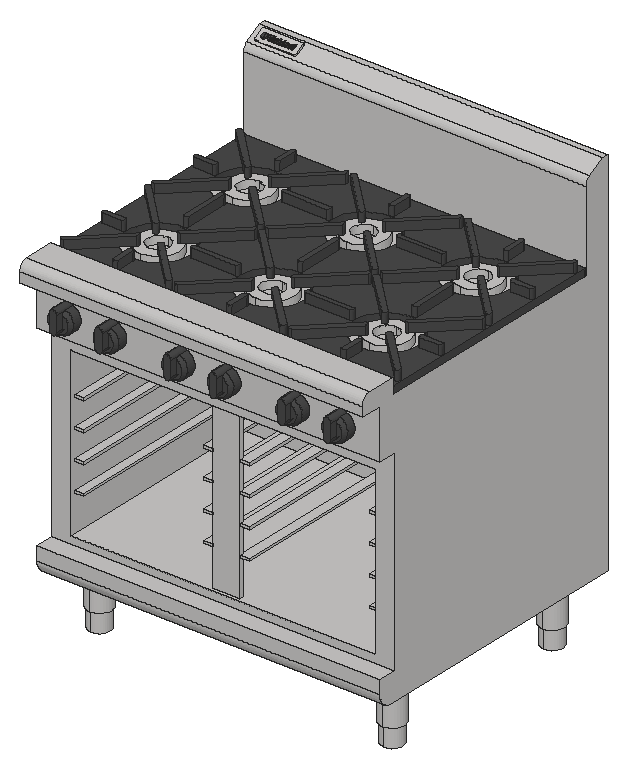
Revit family "QF_MOFFAT WALDORF_RN8600G-CB", category Specialty Equipment, Revit 2012 (continued)
Automatic sketch dimensions
  Revolve 16 sketch curve to Revolve 16 sketch curve = 55.0 mm
  Revolve 16 sketch curve to Revolve 16 sketch curve = 0.0 mm
  Revolve 17 sketch curve to plane 9 "Base Height" = 0.0 mm
  Revolve 17 sketch curve to level = 0.0 mm
  level to Revolve 17 sketch curve = 50.0 mm
  Revolve 17 sketch curve to plane 5 "FRONT" = 148.25 mm
  Revolve 17 sketch curve to Revolve 17 sketch curve = 4.25 mm
  Revolve 17 sketch curve to Revolve 17 sketch curve = 27.5 mm  (x2)
  Revolve 17 sketch curve to Revolve 17 sketch curve = 55.0 mm
  Revolve 17 sketch curve to Revolve 17 sketch curve = 0.0 mm
  Revolve 18 sketch curve to plane 9 "Base Height" = 0.0 mm
  Revolve 18 sketch curve to level = 0.0 mm
  level to Revolve 18 sketch curve = 50.0 mm
  plane 1 "BACK" to Revolve 18 sketch curve = 131.75 mm
  Revolve 18 sketch curve to Revolve 18 sketch curve = 4.25 mm
  Revolve 18 sketch curve to Revolve 18 sketch curve = 27.5 mm  (x2)
  Revolve 18 sketch curve to Revolve 18 sketch curve = 0.0 mm
  Revolve 18 sketch curve to Revolve 18 sketch curve = 55.0 mm
  Revolve 19 sketch curve to plane 9 "Base Height" = 0.0 mm
  Revolve 19 sketch curve to level = 0.0 mm
  level to Revolve 19 sketch curve = 50.0 mm
  Revolve 19 sketch curve to plane 5 "FRONT" = 148.25 mm
  Revolve 19 sketch curve to Revolve 19 sketch curve = 4.25 mm
  Revolve 19 sketch curve to Revolve 19 sketch curve = 27.5 mm  (x2)
  Revolve 19 sketch curve to Revolve 19 sketch curve = 0.0 mm
  Revolve 19 sketch curve to Revolve 19 sketch curve = 55.0 mm
  curve 11 to curve 13 = 0.0 mm  (x2)
  curve 15 to curve 17 = 0.0 mm  (x2)
  curve 19 to curve 21 = 0.0 mm  (x2)
  curve 23 to curve 33 = 0.0 mm  (x2)
  curve 25 to curve 31 = 0.0 mm  (x2)
  curve 27 to curve 29 = 0.0 mm  (x2)
  curve 5 to plane 3 "LEFT" = 0.0 mm
  curve 18 to plane 7 "Center Y" = 0.0 mm
  curve 25 to plane 7 "Center Y" = 0.0 mm
  curve 43 to plane 4 "RIGHT" = 0.0 mm
  plane 5 "FRONT" to curve 4 = 0.0 mm
  plane 1 "BACK" to curve 2 = 0.0 mm
  plane 3 "LEFT" to curve 41 = 4.324 mm
  plane 3 "LEFT" to curve 51 = 4.324 mm
  plane 3 "LEFT" to curve 40 = 5.355 mm
  plane 3 "LEFT" to curve 50 = 5.355 mm
  plane 3 "LEFT" to curve 46 = 6.975 mm
  plane 3 "LEFT" to curve 35 = 6.975 mm
  plane 3 "LEFT" to curve 7 = 12.5 mm
  curve 41 to plane 12 = 2.119 mm
  curve 51 to plane 12 = 2.119 mm
  plane 12 to curve 35 = 55.112 mm
  plane 12 to curve 46 = 55.112 mm
  plane 12 to curve 10 = 56.5 mm
  plane 12 to curve 40 = 57.028 mm
  plane 12 to curve 50 = 57.028 mm
  curve 35 to curve 36 = 29.487 mm
  plane 12 to curve 52 = 84.917 mm
  curve 50 to curve 42 = 27.946 mm
  curve 42 to curve 12 = 0.026 mm
  curve 42 to curve 24 = 0.026 mm
  curve 11 to curve 39 = 27.699 mm
  curve 23 to curve 49 = 27.699 mm
  curve 14 to curve 37 = 29.616 mm
  curve 33 to curve 47 = 29.616 mm
  curve 49 to curve 48 = 59.913 mm
  curve 39 to curve 38 = 59.913 mm
  plane 8 "Center X" to curve 39 = 24.085 mm
  curve 38 to curve 39 = 53.224 mm
  plane 8 "Center X" to curve 49 = 5.915 mm
  curve 49 to curve 39 = 0.0 mm
  curve 52 to curve 47 = 142.835 mm
  curve 37 to curve 55 = 14.314 mm
  curve 47 to curve 61 = 14.314 mm
  plane 8 "Center X" to curve 56 = 24.085 mm
  curve 39 to curve 56 = 18.147 mm
  plane 8 "Center X" to curve 62 = 5.915 mm
  curve 49 to curve 62 = 18.147 mm
  curve 38 to plane 7 "Center Y" = 87.388 mm
  curve 48 to plane 7 "Center Y" = 87.388 mm
  curve 55 to plane 7 "Center Y" = 29.796 mm
  curve 61 to plane 7 "Center Y" = 29.796 mm
  curve 62 to plane 7 "Center Y" = 27.88 mm
  curve 56 to plane 7 "Center Y" = 27.88 mm
  curve 59 to plane 7 "Center Y" = 0.154 mm
  curve 65 to plane 7 "Center Y" = 0.098 mm
  plane 7 "Center Y" to curve 54 = 0.221 mm
  plane 7 "Center Y" to curve 63 = 27.791 mm
  plane 7 "Center Y" to curve 57 = 27.791 mm
  plane 7 "Center Y" to curve 53 = 29.708 mm
  plane 7 "Center Y" to curve 60 = 29.708 mm
  curve 53 to curve 58 = 62.23 mm
  curve 60 to curve 64 = 62.23 mm
  plane 7 "Center Y" to curve 60 = 142.845 mm
  plane 8 "Center X" to curve 57 = 20.549 mm
  plane 7 "Center Y" to curve 57 = 144.464 mm
  plane 8 "Center X" to curve 63 = 9.451 mm
  curve 63 to curve 57 = 0.0 mm
  curve 58 to curve 58 = 116.17 mm
  curve 64 to curve 64 = 116.17 mm
  curve 58 to curve 71 = 178.798 mm
  curve 64 to curve 77 = 178.798 mm
  plane 8 "Center X" to curve 76 = 9.451 mm
  curve 63 to curve 76 = 11.072 mm
  plane 8 "Center X" to curve 70 = 20.549 mm
  curve 57 to curve 70 = 11.072 mm
  curve 53 to curve 66 = 14.31 mm
  curve 60 to curve 73 = 14.31 mm
  curve 71 to curve 71 = 58.558 mm
  curve 77 to curve 77 = 58.558 mm
  curve 66 to curve 71 = 175.172 mm
  curve 73 to curve 77 = 175.172 mm
  curve 66 to curve 70 = 1.916 mm
  curve 73 to curve 76 = 1.916 mm
  curve 70 to curve 19 = 27.791 mm
  curve 73 to curve 30 = 29.708 mm
  curve 28 to curve 78 = 0.098 mm
  curve 20 to curve 72 = 0.154 mm
  curve 27 to curve 75 = 27.88 mm
  curve 19 to curve 69 = 27.88 mm
  curve 30 to curve 74 = 29.796 mm
  curve 21 to curve 68 = 29.796 mm
  plane 4 "RIGHT" to curve 69 = 8.983 mm
  plane 4 "RIGHT" to curve 75 = 8.983 mm
  plane 4 "RIGHT" to curve 68 = 7.067 mm
  plane 4 "RIGHT" to curve 74 = 7.067 mm
  curve 5 to plane 5 "FRONT" = 100.0 mm
  curve 52 to plane 5 "FRONT" = 121.703 mm
  curve 78 to plane 5 "FRONT" = 121.703 mm
  curve 65 to plane 5 "FRONT" = 121.703 mm
  curve 44 to curve 61 = 24.023 mm
  curve 47 to curve 61 = 0.0 mm
  curve 5 to curve 74 = 24.023 mm
  curve 45 to curve 60 = 25.084 mm
  curve 60 to curve 73 = 0.0 mm
  curve 5 to curve 46 = 25.084 mm
  curve 78 to curve 78 = 58.757 mm
  curve 52 to curve 52 = 58.757 mm
  curve 65 to curve 65 = 58.757 mm
  curve 52 to curve 23 = 2.958 mm
  curve 65 to curve 25 = 2.958 mm
  curve 78 to curve 27 = 2.958 mm
  curve 23 to curve 33 = 27.082 mm
  curve 27 to curve 30 = 27.082 mm
  curve 25 to curve 31 = 27.082 mm
  curve 33 to curve 47 = 26.66 mm
  curve 32 to curve 61 = 26.66 mm
  curve 30 to curve 74 = 26.66 mm
  curve 31 to curve 60 = 27.721 mm
  curve 29 to curve 73 = 27.721 mm
  curve 34 to curve 46 = 27.721 mm
  curve 60 to curve 64 = 28.957 mm
  curve 46 to curve 51 = 28.957 mm
  curve 64 to curve 77 = 0.0 mm
  curve 60 to curve 25 = 29.279 mm
  curve 73 to curve 30 = 29.279 mm
  curve 46 to curve 23 = 29.279 mm
  curve 47 to curve 48 = 31.077 mm
  curve 27 to curve 75 = 27.778 mm
  curve 23 to curve 49 = 27.778 mm
  curve 25 to curve 63 = 27.778 mm
  curve 23 to curve 50 = 27.778 mm
  curve 27 to curve 76 = 27.778 mm
  curve 25 to curve 62 = 27.778 mm
  curve 24 to curve 42 = 4.009 mm
  curve 25 to curve 59 = 4.009 mm
  curve 28 to curve 72 = 4.009 mm
  plane 8 "Center X" to curve 75 = 5.915 mm
  plane 8 "Center X" to curve 50 = 9.451 mm
  curve 75 to curve 43 = 9.085 mm
  curve 43 to curve 40 = 5.549 mm
  curve 43 to curve 69 = 9.085 mm
  plane 8 "Center X" to curve 42 = 78.091 mm
  plane 8 "Center X" to curve 59 = 78.091 mm
  plane 8 "Center X" to curve 72 = 78.091 mm
  curve 42 to curve 11 = 2.826 mm
  curve 72 to curve 19 = 2.826 mm
  curve 59 to curve 15 = 2.826 mm
  curve 19 to curve 21 = 27.082 mm
  curve 11 to curve 13 = 27.082 mm
  curve 15 to curve 17 = 27.082 mm
  curve 17 to curve 56 = 29.222 mm
  curve 13 to curve 39 = 29.222 mm
  curve 22 to curve 69 = 29.222 mm
  curve 18 to curve 57 = 29.222 mm
  curve 21 to curve 70 = 29.222 mm
  curve 14 to curve 40 = 29.222 mm
  curve 39 to curve 38 = 27.04 mm
  curve 57 to curve 17 = 27.778 mm
  curve 70 to curve 20 = 27.778 mm
  curve 39 to curve 12 = 27.778 mm
  curve 57 to curve 58 = 28.101 mm
  curve 40 to curve 41 = 28.101 mm
  curve 58 to curve 71 = 0.0 mm
  curve 66 to curve 21 = 27.721 mm
  curve 35 to curve 13 = 27.721 mm
  curve 53 to curve 17 = 27.721 mm
  curve 68 to curve 21 = 26.66 mm
  curve 55 to curve 18 = 26.66 mm
  curve 37 to curve 14 = 26.66 mm
  curve 12 to curve 36 = 2.576 mm
  curve 16 to curve 54 = 2.576 mm
  curve 19 to curve 67 = 2.576 mm
  plane 1 "BACK" to curve 53 = 95.084 mm
  plane 1 "BACK" to curve 35 = 95.084 mm
  curve 53 to curve 66 = 0.0 mm
  plane 1 "BACK" to curve 68 = 94.023 mm
  plane 1 "BACK" to curve 55 = 94.023 mm
  curve 37 to curve 55 = 0.0 mm
  curve 67 to curve 67 = 60.0 mm
  curve 54 to curve 54 = 60.0 mm
  curve 36 to curve 36 = 60.0 mm
  curve 35 to curve 6 = 25.084 mm
  curve 6 to curve 7 = 17.94 mm
  plane 1 "BACK" to curve 7 = 21.784 mm
  Revolve 1 sketch curve to plane 5 "FRONT" = 56.0 mm
  Revolve 1 sketch curve to Revolve 1 sketch curve = 10.0 mm
  Revolve 1 sketch curve to Revolve 1 sketch curve = 21.3 mm
  Revolve 1 sketch curve to plane 5 "FRONT" = 23.0 mm
  Revolve 1 sketch curve to plane 5 "FRONT" = 12.0 mm
  Revolve 1 sketch curve to Revolve 1 sketch curve = 0.0 mm  (x2)
  plane 10 to Revolve 1 sketch curve = 117.895 mm
  Revolve 1 sketch curve to Revolve 1 sketch curve = 5.0 mm
  Revolve 1 sketch curve to Revolve 1 sketch curve = 26.651 mm
  Revolve 1 sketch curve to Revolve 1 sketch curve = 5.849 mm
  plane 12 to Extrusion 2 sketch curve = 135.0 mm
  Extrusion 2 sketch curve to Extrusion 2 sketch curve = 10.0 mm
  plane 10 to Extrusion 2 sketch curve = 129.997 mm
  Extrusion 2 sketch curve to Extrusion 2 sketch curve = 38.997 mm
  Revolve 4 sketch curve to plane 5 "FRONT" = 12.0 mm
  Revolve 4 sketch curve to Revolve 4 sketch curve = 0.0 mm  (x2)
  Revolve 4 sketch curve to Revolve 4 sketch curve = 11.0 mm
  Revolve 4 sketch curve to Revolve 4 sketch curve = 12.7 mm
  Revolve 4 sketch curve to Revolve 4 sketch curve = 23.0 mm
  Revolve 4 sketch curve to Revolve 4 sketch curve = 10.0 mm
  plane 10 to Revolve 4 sketch curve = 85.627 mm
  Revolve 4 sketch curve to Revolve 4 sketch curve = 5.849 mm
  Revolve 4 sketch curve to Revolve 4 sketch curve = 27.5 mm
  Revolve 4 sketch curve to Revolve 4 sketch curve = 5.0 mm
  plane 12 to Extrusion 5 sketch curve = 35.0 mm
  Extrusion 5 sketch curve to Extrusion 5 sketch curve = 10.0 mm
  plane 10 to Extrusion 5 sketch curve = 91.0 mm
  Extrusion 5 sketch curve to Extrusion 5 sketch curve = 39.0 mm
  Extrusion 6 sketch curve to Extrusion 6 sketch curve = 3.0 mm  (x3)
  Extrusion 6 sketch curve to Extrusion 6 sketch curve = 300.0 mm
  Extrusion 7 sketch curve to Extrusion 6 = 22.602 mm  (x6)
  Extrusion 7 sketch curve to Extrusion 6 = 25.398 mm  (x6)
  Extrusion 7 sketch curve to Extrusion 7 sketch curve = 4.525 mm  (x48)
  Extrusion 7 sketch curve to Extrusion 7 sketch curve = 49.204 mm  (x5)
  Extrusion 7 sketch curve to Extrusion 7 sketch curve = 55.923 mm  (x22)
  Extrusion 7 sketch curve to Extrusion 7 sketch curve = 0.0 mm  (x18)
  Extrusion 7 sketch curve to Extrusion 7 sketch curve = 20.524 mm  (x17)
  Extrusion 7 sketch curve to Extrusion 6 = 7.898 mm  (x4)
  Extrusion 7 sketch curve to Extrusion 7 sketch curve = 6.4 mm  (x17)
  Extrusion 7 sketch curve to Extrusion 7 sketch curve = 53.847 mm  (x24)
  Extrusion 7 sketch curve to Extrusion 6 = 5.102 mm  (x5)
  Extrusion 7 sketch curve to Extrusion 7 sketch curve = 128.447 mm  (x10)
  Extrusion 7 sketch curve to Extrusion 7 sketch curve = 12.205 mm  (x14)
  Extrusion 7 sketch curve to Extrusion 6 = 14.153 mm  (x3)
  Extrusion 7 sketch curve to Extrusion 7 sketch curve = 116.204 mm  (x7)
  Extrusion 7 sketch curve to Extrusion 6 = 31.653 mm  (x4)
  Extrusion 7 sketch curve to Extrusion 6 = 57.102 mm  (x2)
  Revolve 8 sketch curve to plane 5 "FRONT" = 56.0 mm
  Revolve 8 sketch curve to Revolve 8 sketch curve = 10.0 mm
  Revolve 8 sketch curve to Revolve 8 sketch curve = 21.3 mm
  Revolve 8 sketch curve to plane 5 "FRONT" = 23.0 mm
  Revolve 8 sketch curve to plane 5 "FRONT" = 12.0 mm
  Revolve 8 sketch curve to Revolve 8 sketch curve = 0.0 mm  (x2)
  plane 10 to Revolve 8 sketch curve = 117.895 mm
  Revolve 8 sketch curve to Revolve 8 sketch curve = 5.0 mm
  Revolve 8 sketch curve to Revolve 8 sketch curve = 26.651 mm
  Revolve 8 sketch curve to Revolve 8 sketch curve = 5.849 mm
  plane 7 "Center Y" to Extrusion 9 sketch curve = 50.0 mm
  Extrusion 9 sketch curve to Extrusion 9 sketch curve = 10.0 mm
  plane 10 to Extrusion 9 sketch curve = 129.997 mm
  Extrusion 9 sketch curve to Extrusion 9 sketch curve = 38.997 mm
  Revolve 10 sketch curve to plane 5 "FRONT" = 12.0 mm
  Revolve 10 sketch curve to Revolve 10 sketch curve = 0.0 mm  (x2)
  Revolve 10 sketch curve to Revolve 10 sketch curve = 11.0 mm
  Revolve 10 sketch curve to Revolve 10 sketch curve = 12.7 mm
  Revolve 10 sketch curve to Revolve 10 sketch curve = 23.0 mm
  Revolve 10 sketch curve to Revolve 10 sketch curve = 10.0 mm
  plane 10 to Revolve 10 sketch curve = 85.627 mm
  Revolve 10 sketch curve to Revolve 10 sketch curve = 5.849 mm
  Revolve 10 sketch curve to Revolve 10 sketch curve = 27.5 mm
  Revolve 10 sketch curve to Revolve 10 sketch curve = 5.0 mm
  Extrusion 11 sketch curve to plane 7 "Center Y" = 50.0 mm
  Extrusion 11 sketch curve to Extrusion 11 sketch curve = 10.0 mm
  plane 10 to Extrusion 11 sketch curve = 91.0 mm
  Extrusion 11 sketch curve to Extrusion 11 sketch curve = 39.0 mm
  Revolve 12 sketch curve to Revolve 12 sketch curve = 23.0 mm
  Revolve 12 sketch curve to Revolve 12 sketch curve = 12.7 mm
  Revolve 12 sketch curve to Revolve 12 sketch curve = 0.0 mm  (x2)
  plane 10 to Revolve 12 sketch curve = 117.895 mm
  Revolve 12 sketch curve to Revolve 12 sketch curve = 5.0 mm
  Revolve 12 sketch curve to Revolve 12 sketch curve = 26.651 mm
  Revolve 12 sketch curve to Revolve 12 sketch curve = 5.849 mm
  plane 13 to Extrusion 13 sketch curve = 35.0 mm
  Extrusion 13 sketch curve to Extrusion 13 sketch curve = 10.0 mm
  plane 10 to Extrusion 13 sketch curve = 129.997 mm
  Extrusion 13 sketch curve to Extrusion 13 sketch curve = 38.997 mm
  Revolve 14 sketch curve to plane 5 "FRONT" = 12.0 mm
  Revolve 14 sketch curve to Revolve 14 sketch curve = 0.0 mm  (x2)
  Revolve 14 sketch curve to Revolve 14 sketch curve = 11.0 mm
  Revolve 14 sketch curve to Revolve 14 sketch curve = 12.7 mm
  Revolve 14 sketch curve to Revolve 14 sketch curve = 23.0 mm
  Revolve 14 sketch curve to Revolve 14 sketch curve = 10.0 mm
  plane 10 to Revolve 14 sketch curve = 85.627 mm
  Revolve 14 sketch curve to Revolve 14 sketch curve = 5.849 mm
  Revolve 14 sketch curve to Revolve 14 sketch curve = 27.5 mm
  Revolve 14 sketch curve to Revolve 14 sketch curve = 5.0 mm
  plane 13 to Extrusion 15 sketch curve = 135.0 mm
  Extrusion 15 sketch curve to Extrusion 15 sketch curve = 10.0 mm
  plane 10 to Extrusion 15 sketch curve = 91.0 mm
  Extrusion 15 sketch curve to Extrusion 15 sketch curve = 39.0 mm
  Extrusion 20 sketch curve to plane 3 "LEFT" = 0.0 mm
  plane 4 "RIGHT" to Extrusion 20 sketch curve = 0.0 mm
  plane 10 to Extrusion 20 sketch curve = 180.0 mm
  plane 3 "LEFT" to Extrusion 20 sketch curve = 50.0 mm
  plane 9 "Base Height" to Extrusion 20 sketch curve = 92.5 mm
  Extrusion 20 sketch curve to Extrusion 20 sketch curve = 55.0 mm
  plane 9 "Base Height" to Extrusion 20 sketch curve = 72.5 mm
  Extrusion 20 sketch curve to plane 13 = 15.0 mm
  Extrusion 21 sketch curve to Extrusion 21 sketch curve = 71.0 mm
  Extrusion 22 sketch curve to Extrusion 22 sketch curve = 0.0 mm  (x9)
  Extrusion 22 sketch curve to Extrusion 22 sketch curve = 6.35 mm  (x16)
  Extrusion 22 sketch curve to Extrusion 22 sketch curve = 68.65 mm  (x12)
  Extrusion 22 sketch curve to Extrusion 22 sketch curve = 25.0 mm  (x16)
  Extrusion 22 sketch curve to Extrusion 22 sketch curve = 314.5 mm
  Extrusion 22 sketch curve to Extrusion 22 sketch curve = 71.0 mm  (x4)
  Extrusion 6 sketch curve to plane 7 "Center Y" = 0.0 mm  (x2)
  plane 4 "RIGHT" to Extrusion 6 sketch curve = 4.0 mm
  plane 1 "BACK" to Extrusion 6 sketch curve = 71.0 mm
  plane 8 "Center X" to Extrusion 6 sketch curve = 165.0 mm  (x3)
  Extrusion 6 sketch curve to plane 8 "Center X" = 135.0 mm  (x3)
  Extrusion 6 sketch curve to plane 5 "FRONT" = 104.0 mm  (x2)
  Extrusion 6 sketch curve to plane 11 = 84.2 mm
  plane 13 to Extrusion 6 sketch curve = 85.0 mm  (x2)
  Revolve 12 sketch curve to Revolve 12 sketch curve = 10.0 mm
  Extrusion 21 sketch curve to plane 7 "Center Y" = 35.5 mm
  plane 10 to Extrusion 21 sketch curve = 235.0 mm
  plane 9 "Base Height" to Extrusion 21 sketch curve = 92.5 mm
  Extrusion 22 sketch curve to plane 13 = 15.0 mm
  plane 10 to Extrusion 22 sketch curve = 344.9 mm
  plane 7 "Center Y" to Extrusion 22 sketch curve = 35.5 mm
  plane 12 to Extrusion 22 sketch curve = 10.0 mm
  Extrusion 22 sketch curve to plane 12 = 15.0 mm  (x2)
  Extrusion 23 sketch curve to plane 5 "FRONT" = 0.0 mm
  plane 10 to Extrusion 23 sketch curve = 0.0 mm
  Extrusion 23 sketch curve to plane 9 "Base Height" = 0.0 mm
  Extrusion 23 sketch curve to plane 6 "TOP" = 0.0 mm
  Extrusion 23 sketch curve to plane 1 "BACK" = 0.0 mm
  Extrusion 23 sketch curve to plane 5 "FRONT" = 24.0 mm
  Extrusion 23 sketch curve to plane 5 "FRONT" = 56.0 mm  (x2)
  plane 9 "Base Height" to Extrusion 23 sketch curve = 38.0 mm
  Extrusion 23 sketch curve to Extrusion 23 sketch curve = 44.0 mm
  plane 1 "BACK" to Extrusion 23 sketch curve = 135.698 mm
  plane 1 "BACK" to Extrusion 23 sketch curve = 70.0 mm
  Extrusion 23 sketch curve to plane 6 "TOP" = 24.369 mm
  Extrusion 23 sketch curve to Extrusion 23 sketch curve = 11.291 mm
  Extrusion 23 sketch curve to Extrusion 23 sketch curve = 22.582 mm
  Extrusion 23 sketch curve to Extrusion 23 sketch curve = 16.5 mm
  plane 9 "Base Height" to Extrusion 23 sketch curve = 72.5 mm
  Extrusion 23 sketch curve to Extrusion 23 sketch curve = 156.0 mm
  Extrusion 23 sketch curve to Extrusion 23 sketch curve = 25.0 mm
  plane 10 to Extrusion 23 sketch curve = 40.0 mm
  plane 13 to Extrusion 24 sketch curve = 10.503 mm
  Extrusion 24 sketch curve to Extrusion 24 sketch curve = 81.0 mm
  Extrusion 24 sketch curve to Extrusion 24 sketch curve = 48.5 mm  (x2)
  Extrusion 24 sketch curve to plane 1 "BACK" = 30.24 mm
  plane 1 "BACK" to Extrusion 24 sketch curve = 38.76 mm
  curve 36 to curve 37 = 143.154 mm
  curve 47 to curve 44 = 7.157 mm
  curve 54 to curve 53 = 142.624 mm
  curve 60 to curve 45 = 7.155 mm
  curve 67 to curve 19 = 0.221 mm
  cut or joined group of Extrusion 20, Extrusion 23, Extrusion 24 to Split face 1 sketch curve = 5.007 mm
  Split face 1 sketch curve to cut or joined group of Extrusion 20, Extrusion 23, Extrusion 24 = 166.988 mm
  Split face 1 sketch curve to cut or joined group of Extrusion 20, Extrusion 23, Extrusion 24 = 9.323 mm
  Split face 1 sketch curve to Split face 1 sketch curve = 20.0 mm
  Split face 2 sketch curve to cut or joined group of Extrusion 20, Extrusion 23, Extrusion 24 = 9.323 mm
  Split face 2 sketch curve to cut or joined group of Extrusion 20, Extrusion 23, Extrusion 24 = 201.988 mm
  cut or joined group of Extrusion 20, Extrusion 23, Extrusion 24 to Split face 2 sketch curve = 5.007 mm
  Split face 2 sketch curve to Split face 2 sketch curve = 20.0 mm
  Split face 3 sketch curve to cut or joined group of Extrusion 20, Extrusion 23, Extrusion 24 = 9.323 mm
  Split face 3 sketch curve to cut or joined group of Extrusion 20, Extrusion 23, Extrusion 24 = 231.988 mm
  cut or joined group of Extrusion 20, Extrusion 23, Extrusion 24 to Split face 3 sketch curve = 5.007 mm
  Split face 3 sketch curve to Split face 3 sketch curve = 20.0 mm
  Split face 4 sketch curve to cut or joined group of Extrusion 20, Extrusion 23, Extrusion 24 = 9.323 mm
  Split face 4 sketch curve to cut or joined group of Extrusion 20, Extrusion 23, Extrusion 24 = 264.319 mm
  cut or joined group of Extrusion 20, Extrusion 23, Extrusion 24 to Split face 4 sketch curve = 5.007 mm
  Split face 4 sketch curve to Split face 4 sketch curve = 20.0 mm
  Split face 5 sketch curve to cut or joined group of Extrusion 20, Extrusion 23, Extrusion 24 = 9.323 mm
  Split face 5 sketch curve to cut or joined group of Extrusion 20, Extrusion 23, Extrusion 24 = 294.319 mm
  cut or joined group of Extrusion 20, Extrusion 23, Extrusion 24 to Split face 5 sketch curve = 5.007 mm
  Split face 5 sketch curve to Split face 5 sketch curve = 20.0 mm
  Split face 6 sketch curve to cut or joined group of Extrusion 20, Extrusion 23, Extrusion 24 = 9.323 mm
  Split face 6 sketch curve to cut or joined group of Extrusion 20, Extrusion 23, Extrusion 24 = 329.319 mm
  cut or joined group of Extrusion 20, Extrusion 23, Extrusion 24 to Split face 6 sketch curve = 5.007 mm
  Split face 6 sketch curve to Split face 6 sketch curve = 20.0 mm
  Split face 7 sketch curve to cut or joined group of Extrusion 20, Extrusion 23, Extrusion 24 = 9.323 mm
  Split face 7 sketch curve to cut or joined group of Extrusion 20, Extrusion 23, Extrusion 24 = 366.303 mm
  cut or joined group of Extrusion 20, Extrusion 23, Extrusion 24 to Split face 7 sketch curve = 5.007 mm
  Split face 7 sketch curve to Split face 7 sketch curve = 20.0 mm
  Split face 8 sketch curve to cut or joined group of Extrusion 20, Extrusion 23, Extrusion 24 = 9.323 mm
  Split face 8 sketch curve to cut or joined group of Extrusion 20, Extrusion 23, Extrusion 24 = 498.697 mm
  cut or joined group of Extrusion 20, Extrusion 23, Extrusion 24 to Split face 8 sketch curve = 5.007 mm
  Split face 8 sketch curve to Split face 8 sketch curve = 20.0 mm
  Split face 9 sketch curve to cut or joined group of Extrusion 20, Extrusion 23, Extrusion 24 = 9.323 mm
  Split face 9 sketch curve to cut or joined group of Extrusion 20, Extrusion 23, Extrusion 24 = 463.697 mm
  cut or joined group of Extrusion 20, Extrusion 23, Extrusion 24 to Split face 9 sketch curve = 5.007 mm
  Split face 9 sketch curve to Split face 9 sketch curve = 20.0 mm
  Split face 10 sketch curve to cut or joined group of Extrusion 20, Extrusion 23, Extrusion 24 = 9.323 mm
  Split face 10 sketch curve to cut or joined group of Extrusion 20, Extrusion 23, Extrusion 24 = 428.697 mm
  cut or joined group of Extrusion 20, Extrusion 23, Extrusion 24 to Split face 10 sketch curve = 5.007 mm
  Split face 10 sketch curve to Split face 10 sketch curve = 20.0 mm
  Split face 11 sketch curve to cut or joined group of Extrusion 20, Extrusion 23, Extrusion 24 = 9.323 mm
  Split face 11 sketch curve to cut or joined group of Extrusion 20, Extrusion 23, Extrusion 24 = 393.697 mm
  cut or joined group of Extrusion 20, Extrusion 23, Extrusion 24 to Split face 11 sketch curve = 5.007 mm
  Split face 11 sketch curve to Split face 11 sketch curve = 20.0 mm
  Split face 12 sketch curve to cut or joined group of Extrusion 20, Extrusion 23, Extrusion 24 = 9.323 mm
  Split face 12 sketch curve to cut or joined group of Extrusion 20, Extrusion 23, Extrusion 24 = 358.697 mm
  cut or joined group of Extrusion 20, Extrusion 23, Extrusion 24 to Split face 12 sketch curve = 5.007 mm
  Split face 12 sketch curve to Split face 12 sketch curve = 20.0 mm
  plane 1 "BACK" to curve 79 = 50.635 mm
  plane 12 to curve 79 = 101.988 mm
  curve 79 to curve 81 = 20.0 mm
  plane 1 "BACK" to curve 79 = 20.837 mm
  curve 86 to curve 79 = 15.0 mm
  curve 84 to curve 83 = 20.0 mm
  plane 1 "BACK" to curve 84 = 20.837 mm
  curve 83 to curve 83 = 29.799 mm
  curve 90 to curve 84 = 10.0 mm
  curve 88 to curve 87 = 20.0 mm
  plane 1 "BACK" to curve 90 = 20.837 mm
  curve 85 to curve 87 = 0.0 mm
  curve 91 to curve 89 = 12.331 mm
  curve 92 to curve 91 = 20.0 mm
  plane 1 "BACK" to curve 94 = 20.837 mm
  curve 88 to curve 91 = 0.0 mm
  curve 95 to curve 93 = 10.0 mm
  curve 96 to curve 95 = 20.0 mm
  plane 1 "BACK" to curve 98 = 20.837 mm
  curve 92 to curve 95 = 0.0 mm
  curve 102 to curve 97 = 15.0 mm
  curve 100 to curve 99 = 20.0 mm
  plane 1 "BACK" to curve 102 = 20.837 mm
  curve 99 to curve 99 = 29.799 mm
  curve 106 to plane 7 "Center Y" = 103.697 mm
  curve 104 to plane 7 "Center Y" = 83.697 mm
  plane 1 "BACK" to curve 104 = 20.837 mm
  curve 103 to curve 103 = 29.799 mm
  curve 107 to curve 105 = 15.0 mm
  curve 108 to curve 107 = 20.0 mm
  plane 1 "BACK" to curve 109 = 20.837 mm
  curve 107 to curve 107 = 29.799 mm
  curve 114 to curve 108 = 15.0 mm
  curve 112 to curve 111 = 20.0 mm
  plane 1 "BACK" to curve 114 = 20.837 mm
  curve 111 to curve 111 = 29.799 mm
  curve 115 to curve 112 = 15.0 mm
  curve 116 to curve 115 = 20.0 mm
  plane 1 "BACK" to curve 117 = 20.837 mm
  curve 115 to curve 115 = 29.799 mm
  curve 119 to curve 117 = 15.0 mm
  curve 120 to curve 119 = 20.0 mm
  plane 1 "BACK" to curve 120 = 20.837 mm
  curve 119 to curve 119 = 29.799 mm
  curve 126 to curve 120 = 15.0 mm
  curve 124 to curve 123 = 20.0 mm
  plane 1 "BACK" to curve 126 = 20.837 mm
  curve 126 to curve 123 = 29.799 mm
  cut or joined group of Extrusion 20, Extrusion 23, Extrusion 24 to Split face 13 sketch curve = 5.007 mm
  Split face 13 sketch curve to cut or joined group of Extrusion 20, Extrusion 23, Extrusion 24 = 323.697 mm
  Split face 13 sketch curve to cut or joined group of Extrusion 20, Extrusion 23, Extrusion 24 = 9.323 mm
  Split face 13 sketch curve to Split face 13 sketch curve = 20.0 mm
  cut or joined group of Extrusion 20, Extrusion 23, Extrusion 24 to Split face 14 sketch curve = 5.007 mm
  Split face 14 sketch curve to cut or joined group of Extrusion 20, Extrusion 23, Extrusion 24 = 288.697 mm
  Split face 14 sketch curve to cut or joined group of Extrusion 20, Extrusion 23, Extrusion 24 = 9.323 mm
  Split face 14 sketch curve to Split face 14 sketch curve = 20.0 mm
  cut or joined group of Extrusion 20, Extrusion 23, Extrusion 24 to Split face 15 sketch curve = 5.007 mm
  Split face 15 sketch curve to cut or joined group of Extrusion 20, Extrusion 23, Extrusion 24 = 253.697 mm
  Split face 15 sketch curve to cut or joined group of Extrusion 20, Extrusion 23, Extrusion 24 = 9.323 mm
  Split face 15 sketch curve to Split face 15 sketch curve = 20.0 mm
  cut or joined group of Extrusion 20, Extrusion 23, Extrusion 24 to Split face 16 sketch curve = 5.007 mm
  Split face 16 sketch curve to cut or joined group of Extrusion 20, Extrusion 23, Extrusion 24 = 218.697 mm
  Split face 16 sketch curve to cut or joined group of Extrusion 20, Extrusion 23, Extrusion 24 = 9.323 mm
  Split face 16 sketch curve to Split face 16 sketch curve = 20.0 mm
  cut or joined group of Extrusion 20, Extrusion 23, Extrusion 24 to Split face 17 sketch curve = 5.007 mm
  Split face 17 sketch curve to cut or joined group of Extrusion 20, Extrusion 23, Extrusion 24 = 183.697 mm
  Split face 17 sketch curve to cut or joined group of Extrusion 20, Extrusion 23, Extrusion 24 = 9.323 mm
  Split face 17 sketch curve to Split face 17 sketch curve = 20.0 mm
  curve 128 to curve 45 = 43.697 mm
  curve 127 to curve 128 = 20.0 mm
  curve 45 to curve 127 = 19.365 mm
  plane 1 "BACK" to curve 130 = 20.837 mm
  curve 129 to curve 131 = 15.0 mm
  curve 131 to curve 134 = 20.0 mm
  curve 128 to curve 134 = 0.0 mm
  plane 1 "BACK" to curve 132 = 20.837 mm
  curve 133 to curve 138 = 15.0 mm
  curve 135 to curve 138 = 20.0 mm
  curve 133 to curve 138 = 0.0 mm
  plane 1 "BACK" to curve 137 = 20.837 mm
  curve 137 to curve 139 = 15.0 mm
  curve 139 to curve 141 = 20.0 mm
  curve 137 to curve 140 = 0.0 mm
  plane 1 "BACK" to curve 142 = 20.837 mm
  curve 140 to curve 144 = 15.0 mm
  curve 144 to curve 144 = 20.0 mm
  curve 140 to curve 143 = 0.0 mm
  curve 141 to curve 146 = 0.0 mm
  Extrusion 25 sketch curve to Extrusion 25 sketch curve = 0.0 mm  (x73)
  Extrusion 23 to Extrusion 25 sketch curve = 110.5 mm  (x3)
  Extrusion 25 sketch curve to Extrusion 25 sketch curve = 27.0 mm  (x6)
  Extrusion 25 sketch curve to Extrusion 25 sketch curve = 30.0 mm  (x6)
  Extrusion 25 sketch curve to Extrusion 25 sketch curve = 186.0 mm  (x3)
  Extrusion 23 to Extrusion 25 sketch curve = 150.0 mm  (x4)
  Extrusion 25 sketch curve to Extrusion 25 sketch curve = 300.0 mm
  curve 11 to curve 147 = 0.0 mm  (x2)
  curve 13 to curve 147 = 27.0 mm
  curve 15 to curve 149 = 0.0 mm  (x2)
  curve 17 to curve 150 = 27.0 mm
  curve 19 to curve 151 = 0.0 mm  (x2)
  curve 21 to curve 152 = 27.0 mm
  curve 27 to curve 153 = 0.0 mm  (x2)
  curve 29 to curve 153 = 27.0 mm
  curve 25 to curve 155 = 0.0 mm  (x2)
  curve 32 to curve 155 = 27.0 mm
  curve 23 to curve 157 = 0.0 mm  (x2)
  curve 33 to curve 158 = 27.0 mm
  radius of Extrusion 3 sketch curve = 13.5 mm
  radius of Extrusion 6 sketch curve = 84.082 mm  (x6)
Nested families
  nested 1: "RN8600G-CB-CASTERS" at (65, -100, 0), Show Casters <- "Show Casters", visible <- "Show Casters", type "RN8600G-CB-CASTERS"
    with Type Mark "", Status "", Specification by User "", Show Casters no, Revision Code "", Item Number "", Installed By "", Identify Quantity as Lot yes, Furnished By "", Foodservice Equipment Identifier yes
  nested 2: "RN8600G-CB-CASTERS" at (835, -100, 0), Show Casters <- "Show Casters", visible <- "Show Casters", type "RN8600G-CB-CASTERS"
    with Type Mark "", Status "", Specification by User "", Show Casters no, Revision Code "", Item Number "", Installed By "", Identify Quantity as Lot yes, Furnished By "", Foodservice Equipment Identifier yes
  nested 3: "WALDORF LOGO_FACE BASE" at (12.5, -22.083, 1126.777) x (1, 0, 0) z (0, -0.5, 0.866), visible <- "Show Logo", type "WALDORF LOGO_FACE BASE", detail levels medium+fine
    with Show Logo yes
Connectors
  piping at (770, -32, 655)
    settings: on Extrusion 3, index 3, connector radius 0.37402", flow factor 0, pipe flow 0 GPM, pressure drop 0.00 psi, fitting loss kfactor 0, connector angle 0.00°, fixture units 0, engagement length 0.0 mm, flow configuration 1, flow direction 1, fitting loss method 0, system type 7, joint type 0, gender type 0, connector reference index -1, connector utility 0, adjustable connector no, is connector primary yes, fitting loss table "", connector description "GAS CONNECTION"
Definition of nested family "WALDORF LOGO_FACE BASE"
  Parameters (values of type "WALDORF LOGO_FACE BASE")
    Show Logo [instance] = yes
    Default Elevation = 1219.2 mm
  Reference planes
    plane 1 "Center (Front/Back)": y = 0
    plane 2: z = 0
    plane 3 "Center (Left/Right)": x = 0
  Forms (mm)
    Extrusion 1, solid
      sketch origin (0, 0, 0) x (1, 0, 0) y (0, 1, 0)
        loop
          line (-1219.2, 1219.2) -> (-1219.2, -1219.2) -> (1219.2, -1219.2) -> (1219.2, 1219.2) -> (-1219.2, 1219.2)
      from 0 to -304.8
    Extrusion 2, solid, material "QF_Finishes_Stainless Steel", visible <- "Show Logo"
      sketch origin (0, -33.217, 0) x (1, 0, 0) y (0, 1, 0)
        loop
          arc (5, 34.14) -> (1.464, 32.676) -> (0, 29.14) r 5
          line (0, 29.14) -> (0, 5)
          arc (0, 5) -> (1.464, 1.464) -> (5, 0) r 5
          line (5, 0) -> (104, 0)
          arc (104, 0) -> (107.536, 1.464) -> (109, 5) r 5
          line (109, 5) -> (109, 29.14)
          arc (109, 29.14) -> (107.536, 32.676) -> (104, 34.14) r 5
          line (104, 34.14) -> (5, 34.14)
      from 0 to 1.588
    Extrusion 3, solid, material "QF_Finishes_Black", visible <- "Show Logo"
      sketch origin (0, -33.217, 1.588) x (1, 0, 0) y (0, 1, 0)
        loop
          line (24.772, 23.214) -> (27.992, 10.301) -> (31.551, 10.301) -> (33.443, 17.364) -> (35.205, 10.301) -> (39.332, 10.301) -> (42.077, 23.214) -> (38.352, 23.214) -> (36.676, 15.33) -> (35, 23.214) -> (31.752, 23.214) -> (30.076, 15.33) -> (28.4, 23.214) -> (24.772, 23.214)
        loop
          line (42.272, 17.055) -> (45.703, 17.055)
          spline (45.703, 17.055) -> (45.741, 17.285) -> (45.852, 17.499) -> (46.028, 17.682) -> (46.258, 17.823) -> (46.526, 17.912) -> (46.813, 17.942) -> (47.1, 17.912) -> (47.368, 17.823) -> (47.597, 17.682) -> (47.774, 17.499) -> (47.884, 17.285) -> (47.922, 17.055)
          line (47.922, 17.055) -> (47.922, 16.222)
          arc (47.922, 16.222) -> (45.742, 16.014) -> (43.665, 15.317) r 9.604
          arc (43.665, 15.317) -> (41.924, 12.809) -> (43.665, 10.301) r 2.677
          arc (43.665, 10.301) -> (45.527, 10.353) -> (47.332, 10.816) r 8.365
          line (47.332, 10.816) -> (48.092, 11.105) -> (48.092, 10.301) -> (51.817, 10.301) -> (51.817, 17.055)
          spline (51.817, 17.055) -> (51.654, 17.821) -> (51.178, 18.535) -> (50.419, 19.148) -> (49.431, 19.619) -> (48.28, 19.914) -> (47.044, 20.015) -> (45.809, 19.914) -> (44.658, 19.619) -> (43.67, 19.148) -> (42.911, 18.535) -> (42.434, 17.821) -> (42.272, 17.055)
        loop
          line (53.151, 23.214) -> (53.151, 10.301) -> (57.37, 10.301) -> (57.37, 23.214) -> (53.151, 23.214)
        loop
          line (64.874, 23.214) -> (64.874, 18.857)
          arc (64.874, 18.857) -> (58.083, 15.11) -> (64.874, 11.363) r 4.429
          line (64.874, 11.363) -> (64.874, 10.301) -> (68.378, 10.301) -> (68.378, 23.214) -> (64.874, 23.214)
        loop
          arc (64.874, 16.083) -> (61.41, 14.987) -> (64.874, 13.891) r 1.905
          line (64.874, 13.891) -> (64.874, 16.083)
        loop
          circle (74.623, 15.223) r 5
        loop
          spline (74.623, 17.856) -> (74.355, 17.766) -> (74.105, 17.503) -> (73.891, 17.084) -> (73.726, 16.539) -> (73.623, 15.904) -> (73.588, 15.223) -> (73.623, 14.541) -> (73.726, 13.906) -> (73.891, 13.361) -> (74.105, 12.942) -> (74.355, 12.679) -> (74.623, 12.59)
          spline (74.623, 12.59) -> (74.891, 12.679) -> (75.141, 12.942) -> (75.355, 13.361) -> (75.52, 13.906) -> (75.623, 14.541) -> (75.659, 15.223) -> (75.623, 15.904) -> (75.52, 16.539) -> (75.355, 17.084) -> (75.141, 17.503) -> (74.891, 17.766) -> (74.623, 17.856)
        loop
          line (81.255, 19.813) -> (81.255, 10.301) -> (84.834, 10.301) -> (84.834, 14.176)
          arc (84.834, 14.176) -> (85.854, 16.093) -> (88.013, 16.32) r 2.313
          line (88.013, 16.32) -> (88.013, 19.813) -> (87.161, 19.813)
          arc (87.161, 19.813) -> (85.526, 19.266) -> (84.549, 17.844) r 2.717
          line (84.549, 17.844) -> (84.549, 19.813) -> (81.255, 19.813)
        loop
          line (90.249, 19.813) -> (88.91, 19.813) -> (88.91, 17.614) -> (90.249, 17.614) -> (90.249, 10.301) -> (93.998, 10.301) -> (93.998, 17.614) -> (95.418, 17.614) -> (95.418, 19.813) -> (93.998, 19.813)
          arc (93.998, 19.813) -> (94.414, 20.817) -> (95.418, 21.233) r 1.42
          line (95.418, 21.233) -> (95.418, 23.602) -> (93.317, 23.602)
          arc (93.317, 23.602) -> (91.343, 22.903) -> (90.249, 21.118) r 3.137
          line (90.249, 21.118) -> (90.249, 19.813)
        loop
          arc (15.241, 23.571) -> (8.392, 16.525) -> (15.241, 9.479) r 7.049
          line (15.241, 9.479) -> (15.241, 23.571)
        loop
          line (15.641, 23.571) -> (15.641, 9.479)
          arc (15.641, 9.479) -> (22.49, 16.525) -> (15.641, 23.571) r 7.049
        loop
          arc (47.922, 14.711) -> (46.266, 13.749) -> (47.922, 12.787) r 1.107
          line (47.922, 12.787) -> (47.922, 14.711)
      from 0 to 0.2
  Dimensions and locks
    aligned and locked: plane 2 to Extrusion 1
    aligned and locked: level to Extrusion 1
Definition of nested family "RN8600G-CB-CASTERS"
  Parameters (values of type "BTL8450-CB-CASTERS")
    Weight = ""
    URL Manufacturer = ""
    URL Cutsheet = ""
    URL = ""
    Type Mark [instance] = ""
    Status [instance] = ""
    Specification by User [instance] = ""
    Specification by Manufacturer = ""
    Show Casters [instance] = no
    Serial Number = ""
    Seismic Rating = ""
    SMACNA No = ""
    Revision Code [instance] = ""
    Omniclass Number and Title = ""
    NAFEM Spec ID Number = ""
    Model = ""
    MasterSpec. = ""
    Manufacturer = ""
    Item Number [instance] = ""
    Installed By [instance] = ""
    Identify Quantity as Lot [instance] = yes
    Furnished By [instance] = ""
    Foodservice Equipment Identifier [instance] = yes
    Description = ""
    CSI MasterFormat = ""
    CSI Master Format = ""
    Assembly Code = ""
  Reference planes
    plane 1: z = 0
    plane 2 "RIGHT": x = 0
    plane 3 "FRONT": y = 0
    plane 4 "TOP": z = 177.8
  Forms (mm)
    Revolve 1, solid, material "QF_Finishes_Stainless Steel", visible <- "Show Casters"
      sketch origin (0, 56.335, 0) x (0, 1, 0) y (0, 0, 1)
        loop
          line (-56.335, 152.4) -> (-56.335, 141.118) -> (-23.798, 141.118) -> (-23.798, 152.4) -> (-56.335, 152.4)
        axis (-56.335, 141.118) -> (-56.335, 152.4)
      angle from 0 to 360
    Extrusion 2, solid, material "QF_Finishes_Stainless Steel", visible <- "Show Casters"
      sketch origin (-46.049, 56.335, 0) x (0, 1, 0) y (0, 0, 1)
        loop
          line (-85.799, 141.118) -> (-85.799, 133.498) -> (-82.136, 133.498)
          arc (-82.136, 133.498) -> (-79.344, 132.328) -> (-77.146, 130.248) r 8.432
          line (-77.146, 130.248) -> (-39.502, 49.52)
          arc (-39.502, 49.52) -> (-13.784, 46.107) -> (-5.673, 70.75) r 20.32
          arc (-5.673, 70.75) -> (-7.065, 73.611) -> (-8.887, 76.22) r 20.32
          arc (-8.887, 76.22) -> (-9.399, 85.377) -> (-6.626, 94.119) r 25.4
          line (-6.626, 94.119) -> (8.003, 121.632)
          arc (8.003, 121.632) -> (-2.347, 126.31) -> (-13.34, 129.167) r 66.802
          line (-13.34, 129.167) -> (-13.765, 133.498) -> (-26.871, 133.498) -> (-26.871, 141.118) -> (-85.799, 141.118)
      from 20.058 to 22.923
    Extrusion 3, solid, material "QF_Finishes_Stainless Steel", visible <- "Show Casters"
      sketch origin (3.326, 56.335, 0) x (0, 1, 0) y (0, 0, 1)
        loop
          line (-85.799, 141.118) -> (-85.799, 133.498) -> (-82.136, 133.498)
          arc (-82.136, 133.498) -> (-79.344, 132.328) -> (-77.146, 130.248) r 8.432
          line (-77.146, 130.248) -> (-39.502, 49.52)
          arc (-39.502, 49.52) -> (-13.784, 46.107) -> (-5.673, 70.75) r 20.32
          arc (-5.673, 70.75) -> (-7.065, 73.611) -> (-8.887, 76.22) r 20.32
          arc (-8.887, 76.22) -> (-9.399, 85.377) -> (-6.626, 94.119) r 25.4
          line (-6.626, 94.119) -> (8.003, 121.632)
          arc (8.003, 121.632) -> (-2.347, 126.31) -> (-13.34, 129.167) r 66.802
          line (-13.34, 129.167) -> (-13.765, 133.498) -> (-26.871, 133.498) -> (-26.871, 141.118) -> (-85.799, 141.118)
      from 20.058 to 22.923
    Extrusion 4, solid, material "QF_Finishes_Stainless Steel", visible <- "Show Casters"
      sketch origin (-49.224, 56.335, 0) x (0, 1, 0) y (0, 0, 1)
        loop
          line (-85.799, 141.118) -> (-85.799, 133.498) -> (-82.136, 133.498) -> (-18.877, 127.964) -> (7.14, 120.01) -> (8.003, 121.632)
          arc (8.003, 121.632) -> (-2.347, 126.31) -> (-13.34, 129.167) r 66.802
          line (-13.34, 129.167) -> (-13.765, 133.498) -> (-26.871, 133.498) -> (-26.871, 141.118) -> (-85.799, 141.118)
      from 26.098 to 72.56
    Revolve 5, solid, material "QF_Finishes_Stainless Steel", visible <- "Show Casters"
      sketch origin (-49.224, 30.821, 0) x (1, 0, 0) y (0, 0, 1)
        loop
          line (14.841, 63.604) -> (83.584, 63.604) -> (83.584, 67.109) -> (82.314, 68.379) -> (80.79, 68.379) -> (80.79, 71.826) -> (68.644, 71.826) -> (68.644, 81.79) -> (65.088, 83.843) -> (61.683, 104.879) -> (65.881, 104.879) -> (65.881, 111.229) -> (65.088, 111.229) -> (65.088, 117.579)
          arc (65.088, 117.579) -> (62.298, 124.314) -> (55.563, 127.104) r 9.525
          line (55.563, 127.104) -> (42.863, 127.104)
          arc (42.863, 127.104) -> (36.127, 124.314) -> (33.338, 117.579) r 9.525
          line (33.338, 117.579) -> (33.338, 111.229) -> (32.544, 111.229) -> (32.544, 104.879) -> (36.742, 104.879) -> (33.352, 83.932) -> (29.782, 81.871) -> (29.782, 71.826) -> (17.635, 71.826) -> (17.635, 68.379) -> (16.111, 68.379) -> (14.841, 67.109) -> (14.841, 63.604)
        axis (14.841, 63.604) -> (83.584, 63.604)
      angle from 0 to 360
  Cuts and joins
    joined: Extrusion 2, Extrusion 3, Extrusion 4
  Lines and regions (mm)
    symbolic lines, style "SpecialityEquipmentHiddenLines", visible <- "Show Casters"
      curve 1: line (18.009, 67.053, 0) -> (45.595, 51.127, 0)
      curve 2: line (-45.491, -42.932, 0) -> (18.009, 67.053, 0)
      curve 3: line (-17.905, -58.859, 0) -> (-45.491, -42.932, 0)
      curve 4: line (45.595, 51.127, 0) -> (-17.905, -58.859, 0)
  Dimensions and locks
    plane 4 "TOP" to level = 177.8 mm  (x2)
    Revolve 5 sketch curve to Revolve 5 sketch curve = 63.5 mm
    aligned and locked: level to plane 1
